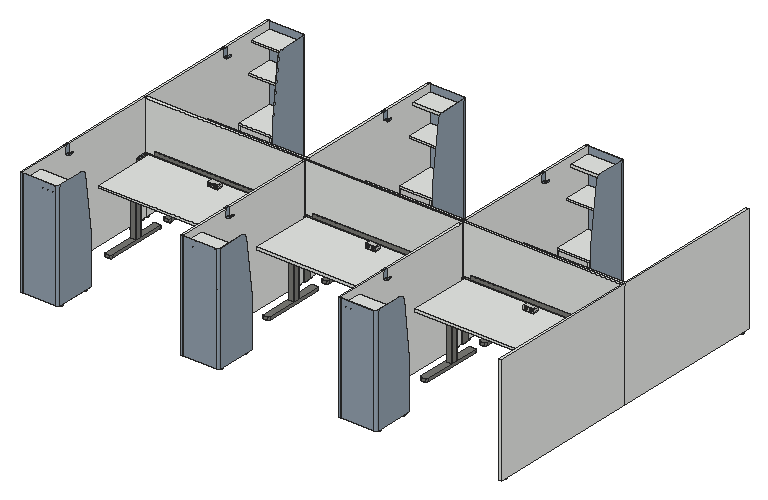
Revit family "Layout-Teknion-Expansion_Cityline_Height_Adjustable_Workstation_10-R2021", category Furniture Systems, Revit 2021 (continued)
Definition of nested family "Worksurface-Teknion-JNXRW_hiSpace_Rectangular_Worksurface_With_Quick_Connect_Kit-R2021"
  Lines and regions (in)
    Masking region 11, visible <- "Masking Region - Standard Corner, DL"
      outline origin (0, 0, 0) x (1, 0, 0) y (0, 1, 0)
        loop
          line (26, 11.5) -> (-26, 11.5) -> (-26, -11.5) -> (26, -11.5) -> (26, 11.5)
        loop
          line (-9.79174, 9.02424) -> (-11.642, 8.49788)
          arc (-11.642, 8.49788) -> (-12.01949, 7.99803) -> (-11.642, 7.49818) r 0.51969
          line (-11.642, 7.49818) -> (-9.79174, 6.97182)
          arc (-9.79174, 6.97182) -> (-9.4998, 6.9311) -> (-9.20787, 6.97182) r 1.06693
          line (-9.20787, 6.97182) -> (-7.35761, 7.49818)
          arc (-7.35761, 7.49818) -> (-6.98012, 7.99803) -> (-7.35761, 8.49788) r 0.51969
          line (-7.35761, 8.49788) -> (-9.20787, 9.02424)
          arc (-9.20787, 9.02424) -> (-9.4998, 9.06496) -> (-9.79174, 9.02424) r 1.06693
    Masking region 12, visible <- "Masking Region - Curved Corner, DL"
      outline origin (0, 0, 0) x (1, 0, 0) y (0, 1, 0)
        loop
          arc (-23.12598, 11.5) -> (-25.15822, 10.65822) -> (-26, 8.62598) r 2.87402
          line (-26, 8.62598) -> (-26, -8.62598)
          arc (-26, -8.62598) -> (-25.15822, -10.65822) -> (-23.12598, -11.5) r 2.87402
          line (-23.12598, -11.5) -> (23.12598, -11.5)
          arc (23.12598, -11.5) -> (25.15822, -10.65822) -> (26, -8.62598) r 2.87402
          line (26, -8.62598) -> (26, 8.62598)
          arc (26, 8.62598) -> (25.15822, 10.65822) -> (23.12598, 11.5) r 2.87402
          line (23.12598, 11.5) -> (-23.12598, 11.5)
        loop
          line (-9.79174, 9.02424) -> (-11.642, 8.49788)
          arc (-11.642, 8.49788) -> (-12.01949, 7.99803) -> (-11.642, 7.49818) r 0.51969
          line (-11.642, 7.49818) -> (-9.79174, 6.97182)
          arc (-9.79174, 6.97182) -> (-9.4998, 6.9311) -> (-9.20787, 6.97182) r 1.06693
          line (-9.20787, 6.97182) -> (-7.35761, 7.49818)
          arc (-7.35761, 7.49818) -> (-6.98012, 7.99803) -> (-7.35761, 8.49788) r 0.51969
          line (-7.35761, 8.49788) -> (-9.20787, 9.02424)
          arc (-9.20787, 9.02424) -> (-9.4998, 9.06496) -> (-9.79174, 9.02424) r 1.06693
    Masking region 13, visible <- "Masking Region - Standard Corner, DR"
      outline origin (0, 0, 0) x (1, 0, 0) y (0, 1, 0)
        loop
          line (26, 11.5) -> (-26, 11.5) -> (-26, -11.5) -> (26, -11.5) -> (26, 11.5)
        loop
          line (9.79174, 6.97182) -> (11.642, 7.49818)
          arc (11.642, 7.49818) -> (12.01949, 7.99803) -> (11.642, 8.49788) r 0.51969
          line (11.642, 8.49788) -> (9.79174, 9.02424)
          arc (9.79174, 9.02424) -> (9.4998, 9.06496) -> (9.20787, 9.02424) r 1.06693
          line (9.20787, 9.02424) -> (7.35761, 8.49788)
          arc (7.35761, 8.49788) -> (6.98012, 7.99803) -> (7.35761, 7.49818) r 0.51969
          line (7.35761, 7.49818) -> (9.20787, 6.97182)
          arc (9.20787, 6.97182) -> (9.4998, 6.9311) -> (9.79174, 6.97182) r 1.06693
    Masking region 14, visible <- "Masking Region - Curved Corner, DR"
      outline origin (0, 0, 0) x (1, 0, 0) y (0, 1, 0)
        loop
          arc (26, 8.62598) -> (25.15822, 10.65822) -> (23.12598, 11.5) r 2.87402
          line (23.12598, 11.5) -> (-23.12598, 11.5)
          arc (-23.12598, 11.5) -> (-25.15822, 10.65822) -> (-26, 8.62598) r 2.87402
          line (-26, 8.62598) -> (-26, -8.62598)
          arc (-26, -8.62598) -> (-25.15822, -10.65822) -> (-23.12598, -11.5) r 2.87402
          line (-23.12598, -11.5) -> (23.12598, -11.5)
          arc (23.12598, -11.5) -> (25.15822, -10.65822) -> (26, -8.62598) r 2.87402
          line (26, -8.62598) -> (26, 8.62598)
        loop
          arc (7.35761, 8.49788) -> (6.98012, 7.99803) -> (7.35761, 7.49818) r 0.51969
          line (7.35761, 7.49818) -> (9.20787, 6.97182)
          arc (9.20787, 6.97182) -> (9.4998, 6.9311) -> (9.79174, 6.97182) r 1.06693
          line (9.79174, 6.97182) -> (11.642, 7.49818)
          arc (11.642, 7.49818) -> (12.01949, 7.99803) -> (11.642, 8.49788) r 0.51969
          line (11.642, 8.49788) -> (9.79174, 9.02424)
          arc (9.79174, 9.02424) -> (9.4998, 9.06496) -> (9.20787, 9.02424) r 1.06693
          line (9.20787, 9.02424) -> (7.35761, 8.49788)
    Masking region 15, visible <- "Masking Region - Standard Corner, CL"
      outline origin (0, 0, 0) x (1, 0, 0) y (0, 1, 0)
        loop
          line (26, 11.5) -> (-26, 11.5) -> (-26, -11.5) -> (26, -11.5) -> (26, 11.5)
        loop
          line (0.29194, 6.97182) -> (2.1422, 7.49818)
          arc (2.1422, 7.49818) -> (2.51969, 7.99803) -> (2.1422, 8.49788) r 0.51969
          line (2.1422, 8.49788) -> (0.29194, 9.02424)
          arc (0.29194, 9.02424) -> (0, 9.06496) -> (-0.29194, 9.02424) r 1.06693
          line (-0.29194, 9.02424) -> (-2.1422, 8.49788)
          arc (-2.1422, 8.49788) -> (-2.51969, 7.99803) -> (-2.1422, 7.49818) r 0.51969
          line (-2.1422, 7.49818) -> (-0.29194, 6.97182)
          arc (-0.29194, 6.97182) -> (0, 6.9311) -> (0.29194, 6.97182) r 1.06693
        loop
          arc (-10.37613, 7.41142) -> (-10.29126, 7.20652) -> (-10.08637, 7.12165) r 0.28976
          line (-10.08637, 7.12165) -> (-8.91314, 7.12165)
          arc (-8.91314, 7.12165) -> (-8.70825, 7.20652) -> (-8.62338, 7.41142) r 0.28976
          line (-8.62338, 7.41142) -> (-8.62338, 8.58465)
          arc (-8.62338, 8.58465) -> (-8.70825, 8.78954) -> (-8.91314, 8.87441) r 0.28976
          line (-8.91314, 8.87441) -> (-10.08637, 8.87441)
          arc (-10.08637, 8.87441) -> (-10.29126, 8.78954) -> (-10.37613, 8.58465) r 0.28976
          line (-10.37613, 8.58465) -> (-10.37613, 7.41142)
    Masking region 16, visible <- "Masking Region - Curved Corner, CL"
      outline origin (0, 0, 0) x (1, 0, 0) y (0, 1, 0)
        loop
          arc (-23.12598, 11.5) -> (-25.15822, 10.65822) -> (-26, 8.62598) r 2.87402
          line (-26, 8.62598) -> (-26, -8.62598)
          arc (-26, -8.62598) -> (-25.15822, -10.65822) -> (-23.12598, -11.5) r 2.87402
          line (-23.12598, -11.5) -> (23.12598, -11.5)
          arc (23.12598, -11.5) -> (25.15822, -10.65822) -> (26, -8.62598) r 2.87402
          line (26, -8.62598) -> (26, 8.62598)
          arc (26, 8.62598) -> (25.15822, 10.65822) -> (23.12598, 11.5) r 2.87402
          line (23.12598, 11.5) -> (-23.12598, 11.5)
        loop
          arc (-10.08637, 8.87441) -> (-10.29126, 8.78954) -> (-10.37613, 8.58465) r 0.28976
          line (-10.37613, 8.58465) -> (-10.37613, 7.41142)
          arc (-10.37613, 7.41142) -> (-10.29126, 7.20652) -> (-10.08637, 7.12165) r 0.28976
          line (-10.08637, 7.12165) -> (-8.91314, 7.12165)
          arc (-8.91314, 7.12165) -> (-8.70825, 7.20652) -> (-8.62338, 7.41142) r 0.28976
          line (-8.62338, 7.41142) -> (-8.62338, 8.58465)
          arc (-8.62338, 8.58465) -> (-8.70825, 8.78954) -> (-8.91314, 8.87441) r 0.28976
          line (-8.91314, 8.87441) -> (-10.08637, 8.87441)
        loop
          line (2.1422, 8.49788) -> (0.29194, 9.02424)
          arc (0.29194, 9.02424) -> (0, 9.06496) -> (-0.29194, 9.02424) r 1.06693
          line (-0.29194, 9.02424) -> (-2.1422, 8.49788)
          arc (-2.1422, 8.49788) -> (-2.51969, 7.99803) -> (-2.1422, 7.49818) r 0.51969
          line (-2.1422, 7.49818) -> (-0.29194, 6.97182)
          arc (-0.29194, 6.97182) -> (0, 6.9311) -> (0.29194, 6.97182) r 1.06693
          line (0.29194, 6.97182) -> (2.1422, 7.49818)
          arc (2.1422, 7.49818) -> (2.51969, 7.99803) -> (2.1422, 8.49788) r 0.51969
    Masking region 17, visible <- "Masking Region - Standard Corner, CR"
      outline origin (0, 0, 0) x (1, 0, 0) y (0, 1, 0)
        loop
          line (26, -11.5) -> (26, 11.5) -> (-26, 11.5) -> (-26, -11.5) -> (26, -11.5)
        loop
          arc (8.62338, 7.41142) -> (8.70825, 7.20652) -> (8.91314, 7.12165) r 0.28976
          line (8.91314, 7.12165) -> (10.08637, 7.12165)
          arc (10.08637, 7.12165) -> (10.29126, 7.20652) -> (10.37613, 7.41142) r 0.28976
          line (10.37613, 7.41142) -> (10.37613, 8.58465)
          arc (10.37613, 8.58465) -> (10.29126, 8.78954) -> (10.08637, 8.87441) r 0.28976
          line (10.08637, 8.87441) -> (8.91314, 8.87441)
          arc (8.91314, 8.87441) -> (8.70825, 8.78954) -> (8.62338, 8.58465) r 0.28976
          line (8.62338, 8.58465) -> (8.62338, 7.41142)
        loop
          line (2.1422, 8.49788) -> (0.29194, 9.02424)
          arc (0.29194, 9.02424) -> (0, 9.06496) -> (-0.29194, 9.02424) r 1.06693
          line (-0.29194, 9.02424) -> (-2.1422, 8.49788)
          arc (-2.1422, 8.49788) -> (-2.51969, 7.99803) -> (-2.1422, 7.49818) r 0.51969
          line (-2.1422, 7.49818) -> (-0.29194, 6.97182)
          arc (-0.29194, 6.97182) -> (0, 6.9311) -> (0.29194, 6.97182) r 1.06693
          line (0.29194, 6.97182) -> (2.1422, 7.49818)
          arc (2.1422, 7.49818) -> (2.51969, 7.99803) -> (2.1422, 8.49788) r 0.51969
    Masking region 18, visible <- "Masking Region - Curved Corner, CR"
      outline origin (0, 0, 0) x (1, 0, 0) y (0, 1, 0)
        loop
          arc (26, 8.62598) -> (25.15822, 10.65822) -> (23.12598, 11.5) r 2.87402
          line (23.12598, 11.5) -> (-23.12598, 11.5)
          arc (-23.12598, 11.5) -> (-25.15822, 10.65822) -> (-26, 8.62598) r 2.87402
          line (-26, 8.62598) -> (-26, -8.62598)
          arc (-26, -8.62598) -> (-25.15822, -10.65822) -> (-23.12598, -11.5) r 2.87402
          line (-23.12598, -11.5) -> (23.12598, -11.5)
          arc (23.12598, -11.5) -> (25.15822, -10.65822) -> (26, -8.62598) r 2.87402
          line (26, -8.62598) -> (26, 8.62598)
        loop
          arc (0.29194, 9.02424) -> (0, 9.06496) -> (-0.29194, 9.02424) r 1.06693
          line (-0.29194, 9.02424) -> (-2.1422, 8.49788)
          arc (-2.1422, 8.49788) -> (-2.51969, 7.99803) -> (-2.1422, 7.49818) r 0.51969
          line (-2.1422, 7.49818) -> (-0.29194, 6.97182)
          arc (-0.29194, 6.97182) -> (0, 6.9311) -> (0.29194, 6.97182) r 1.06693
          line (0.29194, 6.97182) -> (2.1422, 7.49818)
          arc (2.1422, 7.49818) -> (2.51969, 7.99803) -> (2.1422, 8.49788) r 0.51969
          line (2.1422, 8.49788) -> (0.29194, 9.02424)
        loop
          arc (8.91314, 8.87441) -> (8.70825, 8.78954) -> (8.62338, 8.58465) r 0.28976
          line (8.62338, 8.58465) -> (8.62338, 7.41142)
          arc (8.62338, 7.41142) -> (8.70825, 7.20652) -> (8.91314, 7.12165) r 0.28976
          line (8.91314, 7.12165) -> (10.08637, 7.12165)
          arc (10.08637, 7.12165) -> (10.29126, 7.20652) -> (10.37613, 7.41142) r 0.28976
          line (10.37613, 7.41142) -> (10.37613, 8.58465)
          arc (10.37613, 8.58465) -> (10.29126, 8.78954) -> (10.08637, 8.87441) r 0.28976
          line (10.08637, 8.87441) -> (8.91314, 8.87441)
    symbolic lines, visible <- "Grommet - Square Left"
      curve 1: line (-8.91314, 8.94528, 0) -> (-10.08637, 8.94528, 0)
      curve 2: arc (-10.08637, 8.94528, 0) -> (-10.34137, 8.83965, 0) -> (-10.447, 8.58465, 0) r 0.36063
      curve 3: line (-10.447, 8.58465, 0) -> (-10.447, 7.41142, 0)
      curve 4: arc (-10.447, 7.41142, 0) -> (-10.34137, 7.15641, 0) -> (-10.08637, 7.05079, 0) r 0.36063
      curve 5: line (-10.08637, 7.05079, 0) -> (-8.91314, 7.05079, 0)
      curve 6: arc (-8.91314, 7.05079, 0) -> (-8.65814, 7.15641, 0) -> (-8.55251, 7.41142, 0) r 0.36063
      curve 7: line (-8.55251, 7.41142, 0) -> (-8.55251, 8.58465, 0)
      curve 8: arc (-8.55251, 8.58465, 0) -> (-8.65814, 8.83965, 0) -> (-8.91314, 8.94528, 0) r 0.36063
    symbolic lines, visible <- "Grommet - Square Center"
      curve 9: line (0.58661, 8.94528, 0) -> (-0.58661, 8.94528, 0)
      curve 10: arc (-0.58661, 8.94528, 0) -> (-0.84162, 8.83965, 0) -> (-0.94724, 8.58465, 0) r 0.36063
      curve 11: line (-0.94724, 8.58465, 0) -> (-0.94724, 7.41142, 0)
      curve 12: arc (-0.94724, 7.41142, 0) -> (-0.84162, 7.15641, 0) -> (-0.58661, 7.05079, 0) r 0.36063
      curve 13: line (-0.58661, 7.05079, 0) -> (0.58661, 7.05079, 0)
      curve 14: arc (0.58661, 7.05079, 0) -> (0.84162, 7.15641, 0) -> (0.94724, 7.41142, 0) r 0.36063
      curve 15: line (0.94724, 7.41142, 0) -> (0.94724, 8.58465, 0)
      curve 16: arc (0.94724, 8.58465, 0) -> (0.84162, 8.83965, 0) -> (0.58661, 8.94528, 0) r 0.36063
    symbolic lines, visible <- "Grommet - Square Right"
      curve 17: line (10.447, 7.41142, 0) -> (10.447, 8.58465, 0)
      curve 18: arc (10.447, 8.58465, 0) -> (10.34137, 8.83965, 0) -> (10.08637, 8.94528, 0) r 0.36063
      curve 19: line (10.08637, 8.94528, 0) -> (8.91314, 8.94528, 0)
      curve 20: arc (8.91314, 8.94528, 0) -> (8.65814, 8.83965, 0) -> (8.55251, 8.58465, 0) r 0.36063
      curve 21: line (8.55251, 8.58465, 0) -> (8.55251, 7.41142, 0)
      curve 22: arc (8.55251, 7.41142, 0) -> (8.65814, 7.15641, 0) -> (8.91314, 7.05079, 0) r 0.36063
      curve 23: line (8.91314, 7.05079, 0) -> (10.08637, 7.05079, 0)
      curve 24: arc (10.08637, 7.05079, 0) -> (10.34137, 7.15641, 0) -> (10.447, 7.41142, 0) r 0.36063
    symbolic lines, detail levels medium+fine
      curve 25: line (-20.61047, -5.99402, 0) -> (-20.61047, 9.75402, 0)
      curve 26: line (-21.89, 9.75402, 0) -> (-20.61047, 9.75402, 0)
      curve 27: line (-20.61047, -5.99402, 0) -> (-21.89, -5.99402, 0)
      curve 28: line (-21.89, 9.75402, 0) -> (-21.89, -5.99402, 0)
      curve 29: line (-21.77189, -5.99402, 0) -> (-21.77189, 9.75402, 0)
      curve 30: line (-9.17346, -0.03929, 0) -> (-20.61047, -0.03929, 0)
      curve 31: line (-9.17346, -0.03929, 0) -> (-9.17346, -1.22827, 0)
      curve 32: line (-20.61047, -1.22827, 0) -> (-9.17346, -1.22827, 0)
      curve 33: line (-9.17346, 4.98827, 0) -> (-20.61047, 4.98827, 0)
      curve 34: line (-20.61047, 3.79929, 0) -> (-9.17346, 3.79929, 0)
      curve 35: line (-9.17346, 4.98827, 0) -> (-9.17346, 3.79929, 0)
      curve 36: line (-11.92937, 3.79929, 0) -> (-11.92937, -0.03929, 0)
      curve 37: line (-10.74827, 2.95586, 0) -> (-10.74827, 3.79929, 0)
      curve 38: line (-10.74827, -0.03929, 0) -> (-10.74827, 0.80414, 0)
      curve 39: arc (-10.74827, 2.95586, 0) -> (-11.31913, 1.88, 0) -> (-10.74827, 0.80414, 0) r 1.29921
      curve 40: line (21.89, -5.99402, 0) -> (21.89, 9.75402, 0)
      curve 41: line (21.77189, 9.75402, 0) -> (21.77189, -5.99402, 0)
      curve 42: line (20.61047, 9.75402, 0) -> (20.61047, -5.99402, 0)
      curve 43: line (21.89, -5.99402, 0) -> (20.61047, -5.99402, 0)
      curve 44: line (20.61047, 9.75402, 0) -> (21.89, 9.75402, 0)
      curve 45: line (20.61047, 4.98827, 0) -> (9.17346, 4.98827, 0)
      curve 46: line (9.17346, 3.79929, 0) -> (20.61047, 3.79929, 0)
      curve 47: line (9.17346, 3.79929, 0) -> (9.17346, 4.98827, 0)
      curve 48: line (20.61047, -0.03929, 0) -> (9.17346, -0.03929, 0)
      curve 49: line (9.17346, -1.22827, 0) -> (20.61047, -1.22827, 0)
      curve 50: line (9.17346, -1.22827, 0) -> (9.17346, -0.03929, 0)
      curve 51: line (11.92937, -0.03929, 0) -> (11.92937, 3.79929, 0)
      curve 52: line (10.74827, 3.79929, 0) -> (10.74827, 2.95586, 0)
      curve 53: line (10.74827, 0.80414, 0) -> (10.74827, -0.03929, 0)
      curve 54: arc (10.74827, 0.80414, 0) -> (11.31913, 1.88, 0) -> (10.74827, 2.95586, 0) r 1.29921
      curve 55: line (20.55118, 5.85441, 0) -> (-20.55118, 5.85441, 0)
      curve 56: line (20.55118, 5.10638, 0) -> (-20.55118, 5.10638, 0)
      curve 57: line (-20.55118, 4.98827, 0) -> (-20.55118, 5.85441, 0)
      curve 58: line (20.55118, 5.85441, 0) -> (20.55118, 4.98827, 0)
      curve 59: line (9.17346, 4.98827, 0) -> (-9.17346, 4.98827, 0)
      curve 60: line (-9.17346, -1.22827, 0) -> (9.17346, -1.22827, 0)
      curve 61: line (20.55118, -1.22827, 0) -> (20.55118, -2.09441, 0)
      curve 62: line (-20.55118, -1.34638, 0) -> (20.55118, -1.34638, 0)
      curve 63: line (-20.55118, -2.09441, 0) -> (20.55118, -2.09441, 0)
      curve 64: line (-20.55118, -2.09441, 0) -> (-20.55118, -1.22827, 0)
    reference lines
      curve 65: line (-26, 11.5, 0) -> (26, 11.5, 0)
      curve 66: line (26, 11.5, 0) -> (26, -11.5, 0)
      curve 67: line (-26, -11.5, 0) -> (26, -11.5, 0)
      curve 68: line (-26, 11.5, 0) -> (-26, -11.5, 0)
  Dimensions and locks (in)
    "Width": plane 4 "Left" to plane 5 "Right"
    "Depth": plane 6 "Back" to plane 7 "Front"
    locked: plane 8 "Top" to level at 29
    equal spacing: plane 6 "Back", plane 1 "Center Front/Back", plane 7 "Front"
    equal spacing: plane 4 "Left", plane 3 "Center Left/Right", plane 5 "Right"
    "Width Configuration Distance": plane 4 "Left" to plane 9
    "Width Configuration Distance": plane 10 to plane 5 "Right"
    locked: plane 8 "Top" to plane 11 at 1.18898
    locked: plane 4 "Left" to Sweep 2 sketch curve at 5.44882
    locked: Sweep 2 sketch curve to plane 5 "Right" at 5.44882
    Sweep 2 sketch curve to Sweep 2 sketch curve to Sweep 2 sketch curve to plane 1 "Center Front/Back" to Sweep 2 sketch curve to Sweep 2 sketch curve to Sweep 2 sketch curve = 0.74803" locked, 0.11811" locked, 1.22827" locked, 4.98827" locked, 0.11811" locked, 0.74803" locked
    plane 11 to Sweep 2 sketch curve to Sweep 2 sketch curve = 0.11811" locked, 0.98425" locked
    Sweep 2 sketch curve to Sweep 2 sketch curve to plane 11 = 0.98425" locked, 0.11811" locked
    Sweep 3 sketch curve to plane 1 "Center Front/Back" to Sweep 3 sketch curve = 5.99402" locked, 9.75402" locked
    plane 11 to Sweep 3 sketch curve to Sweep 3 sketch curve = 0.11811" locked, 1.10236" locked  (x2)
    Sweep 4 sketch curve to Sweep 4 sketch curve to plane 1 "Center Front/Back" to Sweep 4 sketch curve to Sweep 4 sketch curve = 1.18898" locked, 0.03929" locked, 3.79929" locked, 1.18898" locked
    locked: plane 11 to Sweep 4 sketch curve at 1.18898  (x2)
    Sweep 3 sketch curve to Sweep 3 sketch curve to plane 9 = 1.16142" locked, 0.11811" locked
    Sweep 3 sketch curve to Sweep 3 sketch curve to plane 10 = 1.16142" locked, 0.11811" locked
    plane 9 to Sweep 4 sketch curve to Sweep 4 sketch curve = 1.27953" locked, 11.43701" locked
    Sweep 5 sketch curve to Sweep 5 sketch curve to plane 10 = 11.43701" locked, 1.27953" locked
    Sweep 5 sketch curve to Sweep 5 sketch curve to plane 1 "Center Front/Back" to Sweep 5 sketch curve to Sweep 5 sketch curve = 1.18898" locked, 0.03929" locked, 3.79929" locked, 1.18898" locked
    locked: plane 11 to Sweep 5 sketch curve at 1.18898  (x2)
    locked: plane 11 to Sweep 6 sketch curve at 0.11811
    Sweep 6 sketch curve to plane 1 "Center Front/Back" to Sweep 6 sketch curve to Sweep 6 sketch curve to Sweep 6 sketch curve to Sweep 6 sketch curve = 0.03929" locked, 0.80414" locked, 1.07586" locked, 1.07586" locked, 0.84344" locked  (x2)
    plane 9 to Sweep 6 sketch curve to Sweep 6 sketch curve to Sweep 6 sketch curve = 9.96063" locked, 1.1811" locked, 0.72835" locked
    Sweep 6 sketch curve to Sweep 6 sketch curve to Sweep 6 sketch curve to plane 10 = 0.72835" locked, 1.1811" locked, 9.96063" locked
    locked: plane 6 "Back" to Sweep 7 sketch curve at 2.87402  (x2)
    locked: Sweep 7 sketch curve to plane 5 "Right" at 2.87402  (x2)
    locked: plane 7 "Front" to Sweep 7 sketch curve at 2.87402  (x2)
    locked: plane 4 "Left" to Sweep 7 sketch curve at 2.87402  (x2)
    locked: Sweep 8 sketch curve to plane 8 "Top" at 4
    "Cut-Out - Square Right": Sweep 8 sketch curve to Sweep 8 sketch curve
    plane 6 "Back" to Sweep 8 sketch curve to Sweep 8 sketch curve = 2.55472" locked, 1.89449" locked
    locked: Sweep 8 sketch curve to Sweep 8 sketch curve at 1.89449
    locked: Sweep 9 sketch curve to plane 8 "Top" at 4
    "Cut-Out - Square Left": Sweep 9 sketch curve to Sweep 9 sketch curve
    Sweep 9 sketch curve to Sweep 9 sketch curve to plane 6 "Back" = 1.89449" locked, 2.55472" locked
    locked: Sweep 9 sketch curve to Sweep 9 sketch curve at 1.89449
    locked: Sweep 10 sketch curve to plane 8 "Top" at 4
    "Cut-Out - Square Center": Sweep 10 sketch curve to Sweep 10 sketch curve
    Sweep 10 sketch curve to plane 3 "Center Left/Right" to Sweep 10 sketch curve = 0.94724" locked, 0.94724" locked
    plane 6 "Back" to Sweep 10 sketch curve to Sweep 10 sketch curve = 2.55472" locked, 1.89449" locked
    locked: plane 8 "Top" to Sweep 11 sketch curve at 1.55512
    plane 6 "Back" to Sweep 11 sketch curve to Sweep 11 sketch curve to Sweep 11 sketch curve to Sweep 11 sketch curve = 2.55472" locked, 0.07087" locked, 1.75276" locked, 0.07087" locked
    Sweep 11 sketch curve to Sweep 11 sketch curve to plane 3 "Center Left/Right" to Sweep 11 sketch curve to Sweep 11 sketch curve = 0.07087" locked, 0.87638" locked, 0.87638" locked, 0.07087" locked
    locked: plane 8 "Top" to Sweep 12 sketch curve at 1.55512
    locked: plane 8 "Top" to Sweep 13 sketch curve at 1.55512
    Sweep 13 sketch curve to Sweep 13 sketch curve to Sweep 13 sketch curve to Sweep 13 sketch curve = 0.07087" locked, 1.75276" locked, 0.07087" locked
    plane 6 "Back" to Sweep 13 sketch curve to Sweep 13 sketch curve to Sweep 13 sketch curve to Sweep 13 sketch curve = 2.55472" locked, 0.07087" locked, 1.75276" locked, 0.07087" locked
    locked: Sweep 14 sketch curve to plane 8 "Top" at 5
    "Cut-Out - Diamond Center": Sweep 14 sketch curve to Sweep 14 sketch curve
    Sweep 14 sketch curve to Sweep 14 sketch curve to plane 3 "Center Left/Right" to Sweep 14 sketch curve to Sweep 14 sketch curve = 1.85026" locked, 0.29194" locked, 0.29194" locked, 1.85026" locked  (x2)
    plane 6 "Back" to Sweep 14 sketch curve to Sweep 14 sketch curve to Sweep 14 sketch curve to Sweep 14 sketch curve = 2.47576" locked, 0.52636" locked, 0.9997" locked, 0.52636" locked  (x2)
    locked: Sweep 15 sketch curve to plane 8 "Top" at 5
    "Cut-Out - Diamond Left": Sweep 15 sketch curve to Sweep 15 sketch curve
    plane 6 "Back" to Sweep 15 sketch curve to Sweep 15 sketch curve to Sweep 15 sketch curve to Sweep 15 sketch curve = 2.47576" locked, 0.52636" locked, 0.9997" locked, 0.52636" locked  (x2)
    Sweep 15 sketch curve to Sweep 15 sketch curve to Sweep 15 sketch curve to Sweep 15 sketch curve = 1.85026" locked, 0.58387" locked, 1.85026" locked  (x2)
    Sweep 12 sketch curve to Sweep 12 sketch curve to Sweep 12 sketch curve to Sweep 12 sketch curve = 0.07087" locked, 1.75276" locked, 0.07087" locked
    plane 6 "Back" to Sweep 12 sketch curve to Sweep 12 sketch curve to Sweep 12 sketch curve to Sweep 12 sketch curve = 2.55472" locked, 0.07087" locked, 1.75276" locked, 0.07087" locked
    locked: Sweep 16 sketch curve to plane 8 "Top" at 5
    "Cut-Out - Diamond Right": Sweep 16 sketch curve to Sweep 16 sketch curve
    Sweep 16 sketch curve to Sweep 16 sketch curve to Sweep 16 sketch curve to Sweep 16 sketch curve = 1.85026" locked, 0.58387" locked, 1.85026" locked  (x2)
    plane 6 "Back" to Sweep 16 sketch curve to Sweep 16 sketch curve to Sweep 16 sketch curve to Sweep 16 sketch curve = 2.47576" locked, 0.52636" locked, 0.9997" locked, 0.52636" locked  (x2)
    "Square Cut-Out - Distance": plane 4 "Left" to Sweep 9 sketch curve
    "Square Cut-Out - Distance": plane 4 "Left" to Sweep 13 sketch curve
    "Square Cut-Out - Distance": Sweep 8 sketch curve to plane 5 "Right"
    "Square Cut-Out - Distance": Sweep 12 sketch curve to plane 5 "Right"
    "Diamond Cut-Out - Distance": plane 4 "Left" to Sweep 15 sketch curve
    "Diamond Cut-Out - Distance": Sweep 16 sketch curve to plane 5 "Right"
    equal spacing: Sweep 13, nested 7, Sweep 13, locked at 0.87638 each  (x2)
    equal spacing: Sweep 11, nested 9, Sweep 11, locked at 0.87638 each
    equal spacing: Sweep 12, nested 8, Sweep 12, locked at 0.87638 each  (x2)
    aligned and locked: level to plane 2
    aligned and locked: Sweep 1 sketch curve to plane 3 "Center Left/Right"
    aligned and locked: plane 8 "Top" to Sweep 1 sketch curve
    aligned and locked: plane 11 to Sweep 1 sketch curve
    aligned and locked: plane 6 "Back" to Sweep 1 sketch curve
    aligned and locked: plane 4 "Left" to Sweep 1 sketch curve
    aligned and locked: Sweep 1 sketch curve to plane 7 "Front"
    aligned and locked: Sweep 1 sketch curve to plane 5 "Right"
    aligned and locked: Sweep 2 sketch curve to plane 1 "Center Front/Back"
    aligned and locked: Sweep 2 sketch curve to plane 11
    aligned and locked: plane 11 to Sweep 2 sketch curve
    aligned and locked: Sweep 3 sketch curve to plane 3 "Center Left/Right"
    aligned and locked: plane 11 to Sweep 3 sketch curve
    aligned and locked: Sweep 4 sketch curve to plane 1 "Center Front/Back"
    aligned and locked: Sweep 4 sketch curve to plane 11  (x2)
    aligned and locked: Sweep 3 sketch curve to plane 9
    aligned and locked: plane 10 to Sweep 3 sketch curve
    aligned and locked: plane 1 "Center Front/Back" to Sweep 5 sketch curve
    aligned and locked: Sweep 5 sketch curve to plane 11  (x2)
    aligned and locked: plane 3 "Center Left/Right" to Sweep 6 sketch curve
    aligned and locked: plane 11 to Sweep 6 sketch curve
    aligned and locked: Sweep 6 sketch curve to Sweep 6 sketch curve  (x2)
    aligned and locked: Sweep 7 sketch curve to plane 3 "Center Left/Right"
    aligned and locked: plane 8 "Top" to Sweep 7 sketch curve
    aligned and locked: plane 11 to Sweep 7 sketch curve
    aligned and locked: plane 7 "Front" to Sweep 7 sketch curve
    aligned and locked: Sweep 7 sketch curve to plane 5 "Right"
    aligned and locked: plane 6 "Back" to Sweep 7 sketch curve
    aligned and locked: Sweep 7 sketch curve to plane 4 "Left"
    aligned and locked: Sweep 8 sketch curve to plane 3 "Center Left/Right"
    aligned and locked: Sweep 9 sketch curve to plane 3 "Center Left/Right"
    aligned and locked: Sweep 10 sketch curve to plane 3 "Center Left/Right"
    aligned and locked: Sweep 11 sketch curve to plane 3 "Center Left/Right"
    aligned and locked: plane 8 "Top" to Sweep 11 sketch curve
    aligned and locked: plane 8 "Top" to Sweep 12 sketch curve
    aligned and locked: plane 8 "Top" to Sweep 13 sketch curve
    aligned and locked: Sweep 14 sketch curve to plane 3 "Center Left/Right"
    aligned and locked: Sweep 15 sketch curve to plane 3 "Center Left/Right"
    aligned and locked: plane 4 "Left" to Sweep 13 sketch curve
    aligned and locked: Sweep 12 sketch curve to plane 5 "Right"
    aligned and locked: Sweep 16 sketch curve to plane 3 "Center Left/Right"
    aligned and locked: curve 2 to Sweep 9
    aligned and locked: curve 4 to Sweep 9
    aligned and locked: curve 6 to Sweep 9
    aligned and locked: curve 8 to Sweep 9
    aligned and locked: curve 10 to Sweep 10
    aligned and locked: curve 12 to Sweep 10
    aligned and locked: curve 14 to Sweep 10
    aligned and locked: curve 16 to Sweep 10
    aligned and locked: curve 18 to Sweep 8
    aligned and locked: curve 20 to Sweep 8
    aligned and locked: curve 22 to Sweep 8
    aligned and locked: curve 24 to Sweep 8
    aligned and locked: curve 25 to Sweep 3
    aligned and locked: curve 26 to Sweep 3
    aligned and locked: curve 27 to Sweep 3
    aligned and locked: curve 28 to Sweep 3
    aligned and locked: curve 29 to Sweep 3
    aligned and locked: curve 30 to Sweep 4
    aligned and locked: Sweep 4 to curve 31
    aligned and locked: curve 32 to Sweep 4
    aligned and locked: curve 33 to Sweep 4
    aligned and locked: curve 34 to Sweep 4
    aligned and locked: curve 35 to Sweep 4
    aligned and locked: curve 36 to Sweep 6
    aligned and locked: curve 37 to Sweep 6
    aligned and locked: curve 38 to Sweep 6
    aligned and locked: curve 39 to Sweep 6
    aligned and locked: curve 40 to Sweep 3
    aligned and locked: curve 41 to Sweep 3
    aligned and locked: curve 42 to Sweep 3
    aligned and locked: curve 43 to Sweep 3
    aligned and locked: Sweep 3 to curve 44
    aligned and locked: curve 45 to Sweep 5
    aligned and locked: curve 46 to Sweep 5
    aligned and locked: Sweep 5 to curve 47
    aligned and locked: curve 48 to Sweep 5
    aligned and locked: curve 49 to Sweep 5
    aligned and locked: curve 50 to Sweep 5
    aligned and locked: curve 51 to Sweep 6
    aligned and locked: curve 52 to Sweep 6
    aligned and locked: curve 53 to Sweep 6
    aligned and locked: curve 54 to Sweep 6
    aligned and locked: curve 55 to Sweep 2
    aligned and locked: curve 56 to Sweep 2
    aligned and locked: curve 57 to Sweep 2
    aligned and locked: curve 58 to Sweep 2
    aligned and locked: curve 59 to Sweep 2
    aligned and locked: Sweep 2 to curve 61
    aligned and locked: curve 62 to Sweep 2
    aligned and locked: curve 63 to Sweep 2
    aligned and locked: curve 64 to Sweep 2
    aligned and locked: curve 60 to Sweep 2
    aligned and locked: Masking region 1 sketch curve to cut or joined group of Sweep 1, Sweep 8, Sweep 9, Sweep 10, Sweep 14, Sweep 15, Sweep 16  (x4)
    aligned and locked: Masking region 2 sketch curve to cut or joined group of Sweep 7, Sweep 8, Sweep 9, Sweep 10, Sweep 14, Sweep 15, Sweep 16  (x4)
    aligned and locked: Masking region 3 sketch curve to cut or joined group of Sweep 1, Sweep 8, Sweep 9, Sweep 10, Sweep 14, Sweep 15, Sweep 16  (x4)
    aligned and locked: Masking region 3 sketch curve to Sweep 11  (x4)
    aligned and locked: Masking region 4 sketch curve to cut or joined group of Sweep 7, Sweep 8, Sweep 9, Sweep 10, Sweep 14, Sweep 15, Sweep 16  (x4)
    aligned and locked: Masking region 4 sketch curve to Sweep 11  (x4)
    aligned and locked: Masking region 5 sketch curve to cut or joined group of Sweep 1, Sweep 8, Sweep 9, Sweep 10, Sweep 14, Sweep 15, Sweep 16  (x4)
    aligned and locked: Masking region 5 sketch curve to Sweep 13  (x4)
    aligned and locked: Masking region 6 sketch curve to cut or joined group of Sweep 7, Sweep 8, Sweep 9, Sweep 10, Sweep 14, Sweep 15, Sweep 16  (x4)
    aligned and locked: Masking region 6 sketch curve to Sweep 13  (x4)
    aligned and locked: Masking region 7 sketch curve to cut or joined group of Sweep 1, Sweep 8, Sweep 9, Sweep 10, Sweep 14, Sweep 15, Sweep 16  (x4)
    aligned and locked: Masking region 7 sketch curve to Sweep 12  (x4)
    aligned and locked: Masking region 8 sketch curve to cut or joined group of Sweep 7, Sweep 8, Sweep 9, Sweep 10, Sweep 14, Sweep 15, Sweep 16  (x4)
    aligned and locked: Masking region 8 sketch curve to Sweep 12  (x4)
    aligned and locked: Masking region 9 sketch curve to cut or joined group of Sweep 1, Sweep 8, Sweep 9, Sweep 10, Sweep 14, Sweep 15, Sweep 16  (x4)
    aligned and locked: Masking region 9 sketch curve to Sweep 14  (x4)
    aligned and locked: Masking region 10 sketch curve to cut or joined group of Sweep 7, Sweep 8, Sweep 9, Sweep 10, Sweep 14, Sweep 15, Sweep 16  (x4)
    aligned and locked: Masking region 10 sketch curve to Sweep 14  (x4)
    aligned and locked: Masking region 11 sketch curve to cut or joined group of Sweep 1, Sweep 8, Sweep 9, Sweep 10, Sweep 14, Sweep 15, Sweep 16  (x4)
    aligned and locked: Masking region 11 sketch curve to Sweep 15  (x4)
    aligned and locked: Masking region 12 sketch curve to cut or joined group of Sweep 7, Sweep 8, Sweep 9, Sweep 10, Sweep 14, Sweep 15, Sweep 16  (x4)
    aligned and locked: Masking region 12 sketch curve to Sweep 15  (x4)
    aligned and locked: Masking region 13 sketch curve to cut or joined group of Sweep 1, Sweep 8, Sweep 9, Sweep 10, Sweep 14, Sweep 15, Sweep 16  (x4)
    aligned and locked: Masking region 13 sketch curve to Sweep 16  (x4)
    aligned and locked: Masking region 14 sketch curve to cut or joined group of Sweep 7, Sweep 8, Sweep 9, Sweep 10, Sweep 14, Sweep 15, Sweep 16  (x4)
    aligned and locked: Masking region 14 sketch curve to Sweep 16  (x4)
    aligned and locked: Masking region 15 sketch curve to cut or joined group of Sweep 1, Sweep 8, Sweep 9, Sweep 10, Sweep 14, Sweep 15, Sweep 16  (x4)
    aligned and locked: Masking region 15 sketch curve to Sweep 14  (x4)
    aligned and locked: Masking region 15 sketch curve to Sweep 13  (x4)
    aligned and locked: Masking region 16 sketch curve to cut or joined group of Sweep 7, Sweep 8, Sweep 9, Sweep 10, Sweep 14, Sweep 15, Sweep 16  (x4)
    aligned and locked: Masking region 16 sketch curve to Sweep 13  (x4)
    aligned and locked: Masking region 16 sketch curve to Sweep 14  (x4)
    aligned and locked: Masking region 17 sketch curve to cut or joined group of Sweep 1, Sweep 8, Sweep 9, Sweep 10, Sweep 14, Sweep 15, Sweep 16  (x4)
    aligned and locked: Masking region 17 sketch curve to Sweep 12  (x4)
    aligned and locked: Masking region 17 sketch curve to Sweep 14  (x4)
    aligned and locked: Masking region 18 sketch curve to Masking region 16  (x8)
    aligned and locked: Masking region 18 sketch curve to Masking region 17  (x4)
    aligned and locked: nested 1 to plane 6 "Back"
    aligned and locked: plane 4 "Left" to nested 1
    aligned and locked: plane 4 "Left" to nested 4
    aligned and locked: plane 7 "Front" to nested 4
    aligned and locked: plane 7 "Front" to nested 3
    aligned and locked: nested 3 to plane 5 "Right"
    aligned and locked: nested 2 to plane 5 "Right"
    aligned and locked: nested 2 to plane 6 "Back"
    aligned and locked: plane 3 "Center Left/Right" to nested 6
    aligned and locked: nested 6 to plane 6 "Back"
    aligned and locked: plane 1 "Center Front/Back" to nested 5
    aligned and locked: plane 3 "Center Left/Right" to nested 5
    aligned and locked: plane 3 "Center Left/Right" to nested 9
    aligned and locked: curve 65 to plane 6 "Back"
    aligned and locked: plane 5 "Right" to curve 66
    aligned and locked: plane 7 "Front" to curve 67
    aligned and locked: curve 68 to plane 4 "Left"
  Automatic sketch dimensions
    Sweep 3 sketch curve to Sweep 3 sketch curve = 0.11811"
    Sweep 8 sketch curve to Sweep 8 sketch curve = 0.36063"  (x4)
    Sweep 10 sketch curve to Sweep 10 sketch curve = 0.36063"  (x3)
    Sweep 10 sketch curve to Sweep 10 sketch curve = 0.000"
    Sweep 11 sketch curve to Sweep 11 sketch curve = 0.28976"  (x3)
    Sweep 11 sketch curve to Sweep 11 sketch curve = 0.000"  (x5)
    Sweep 13 sketch curve to Sweep 13 sketch curve = 0.000"  (x4)
    Sweep 13 sketch curve to Sweep 13 sketch curve = 0.28976"  (x4)
    Sweep 12 sketch curve to Sweep 12 sketch curve = 0.000"  (x4)
    Sweep 12 sketch curve to Sweep 12 sketch curve = 0.28976"  (x3)
    Sweep 12 sketch curve to Sweep 12 sketch curve = 1.17323"
    curve 50 to curve 53 = 1.5748"
    Sweep 9 sketch curve to Sweep 9 sketch curve = 0.36063"  (x4)
    Masking region 9 sketch curve to Masking region 9 sketch curve = 0.000"
    Masking region 9 sketch curve to Masking region 9 sketch curve = 0.1422"  (x3)
    Masking region 9 sketch curve to plane 3 "Center Left/Right" = 0.29194"  (x2)
    plane 3 "Center Left/Right" to Masking region 9 sketch curve = 0.29194"  (x2)
    Masking region 10 sketch curve to Masking region 10 sketch curve = 0.000"
    Masking region 10 sketch curve to Masking region 10 sketch curve = 0.1422"  (x3)
    Masking region 10 sketch curve to plane 3 "Center Left/Right" = 0.29194"  (x2)
    plane 3 "Center Left/Right" to Masking region 10 sketch curve = 0.29194"  (x2)
    Masking region 11 sketch curve to Masking region 11 sketch curve = 0.000"
    Masking region 11 sketch curve to Masking region 11 sketch curve = 0.1422"  (x3)
    Masking region 11 sketch curve to Masking region 11 sketch curve = 1.85026"
    Masking region 11 sketch curve to Masking region 11 sketch curve = 0.29194"
    Masking region 11 sketch curve to Masking region 11 sketch curve = 1.70806"
    Masking region 11 sketch curve to Masking region 11 sketch curve = 1.02621"
    Masking region 12 sketch curve to Masking region 12 sketch curve = 0.000"
    Masking region 12 sketch curve to Masking region 12 sketch curve = 0.1422"  (x3)
    Masking region 12 sketch curve to Masking region 12 sketch curve = 1.85026"
    Masking region 12 sketch curve to Masking region 12 sketch curve = 0.29194"
    Masking region 12 sketch curve to Masking region 12 sketch curve = 1.70806"
    Masking region 12 sketch curve to Masking region 12 sketch curve = 1.02621"
    Masking region 13 sketch curve to Masking region 13 sketch curve = 0.000"
    Masking region 13 sketch curve to Masking region 13 sketch curve = 0.1422"  (x3)
    Masking region 13 sketch curve to Masking region 13 sketch curve = 0.29194"
    Masking region 13 sketch curve to plane 6 "Back" = 2.47576"
    Masking region 13 sketch curve to Masking region 13 sketch curve = 1.70806"
    Masking region 13 sketch curve to Masking region 13 sketch curve = 1.02621"
    Masking region 14 sketch curve to Masking region 14 sketch curve = 0.000"
    Masking region 14 sketch curve to Masking region 14 sketch curve = 0.1422"  (x3)
    Masking region 14 sketch curve to Masking region 14 sketch curve = 0.29194"
    Masking region 14 sketch curve to plane 6 "Back" = 2.47576"
    Masking region 14 sketch curve to Masking region 14 sketch curve = 1.70806"
    Masking region 14 sketch curve to Masking region 14 sketch curve = 0.52636"
    Masking region 15 sketch curve to Masking region 15 sketch curve = 0.000"
    Masking region 15 sketch curve to Masking region 15 sketch curve = 0.1422"  (x3)
    Masking region 15 sketch curve to plane 3 "Center Left/Right" = 0.29194"  (x2)
    plane 3 "Center Left/Right" to Masking region 15 sketch curve = 0.29194"  (x2)
    Masking region 16 sketch curve to Masking region 16 sketch curve = 0.000"
    Masking region 16 sketch curve to Masking region 16 sketch curve = 0.1422"  (x3)
    Masking region 16 sketch curve to plane 3 "Center Left/Right" = 0.29194"  (x2)
    plane 3 "Center Left/Right" to Masking region 16 sketch curve = 0.29194"  (x2)
    Masking region 17 sketch curve to Masking region 17 sketch curve = 0.000"
    Masking region 17 sketch curve to Masking region 17 sketch curve = 0.1422"  (x3)
    Masking region 17 sketch curve to plane 3 "Center Left/Right" = 0.29194"  (x2)
    plane 3 "Center Left/Right" to Masking region 17 sketch curve = 0.29194"  (x2)
    Masking region 18 sketch curve to Masking region 18 sketch curve = 0.000"
    Masking region 18 sketch curve to Masking region 18 sketch curve = 0.1422"  (x3)
    Masking region 18 sketch curve to plane 3 "Center Left/Right" = 0.29194"  (x2)
    plane 3 "Center Left/Right" to Masking region 18 sketch curve = 0.29194"  (x2)
  Nested families (in)
    nested 1: "Teknion_2D_Node_Family-R2016" at (-26, 11.5, 0), type "Teknion_2D_Node_Family-R2016"
    nested 2: "Teknion_2D_Node_Family-R2016" at (26, 11.5, 0), type "Teknion_2D_Node_Family-R2016"
    nested 3: "Teknion_2D_Node_Family-R2016" at (26, -11.5, 0), type "Teknion_2D_Node_Family-R2016"
    nested 4: "Teknion_2D_Node_Family-R2016" at (-26, -11.5, 0), type "Teknion_2D_Node_Family-R2016"
    nested 5: "Teknion_2D_Node_Family-R2016" at (0, 0, 0), type "Teknion_2D_Node_Family-R2016"
    nested 6: "Teknion_2D_Node_Family-R2016" at (0, 11.5, 0), type "Teknion_2D_Node_Family-R2016"
    nested 7: "Teknion_2D_Node_Family-R2016" at (-9.49976, 7.99803, 0), visible <- "Node - Cut-Out Left", type "Teknion_2D_Node_Family-R2016"
    nested 8: "Teknion_2D_Node_Family-R2016" at (9.49976, 7.99803, 0), visible <- "Node - Cut-Out Right", type "Teknion_2D_Node_Family-R2016"
    nested 9: "Teknion_2D_Node_Family-R2016" at (0, 7.99803, 0), visible <- "Node - Cut-Out Center", type "Teknion_2D_Node_Family-R2016"
  Definition of nested family "Teknion_2D_Node_Family-R2016"
    Reference planes (in)
      plane 1 "Center (Front/Back)": y = 0
      plane 2: z = 0
      plane 3 "Center (Left/Right)": x = 0
    Lines and regions (in)
      detail lines, in view "Ref. Level"
        curve 1: circle (0, 0, 0) r 1.25 normal (0, 0, 1)
        curve 2: line (1.91508, -1.91508, 0) -> (-1.91508, 1.91508, 0)
        curve 3: line (-1.91508, -1.91508, 0) -> (1.91508, 1.91508, 0)
Definition of nested family "Desk_Structures-Teknion-JZSFS_EZ_Fence_Leg-R2021"
  Parameters (values of type "In-Line")
    Warranty = "http://www.teknion.com/ca/papers/legal-canada"
    Unit Weight URL = "http://www.teknion.com/ca/tools/assets#&asset=bee6a381-b954-425e-8283-5a2de3a804f2,f828d448-4b62-4231-9e5f-9a8991c0ed77"
    URL = "www.teknion.com"
    With Top Cover [instance] = not(No Top Cover)  # yes
    Top Option [instance] = "Select Top Option. Has Top Cover is default."  # constant formula
    To render please download texture images found here [instance] = "https://assets.teknion.com/web/5e81352c1dfdb467/revit-material-swatches/"
    Sustainability Data = "https://www.teknion.com/ca/tools/assets#&topic=216f99a5-57a0-44fc-b10a-9dee9b29ae4c&asset=444deb64-fe58-4b68-981e-f75e97781df7,b4ff2d81-9f2e-437d-9659-7cffb09c31cf"
    Series = "Expansion Cityline"  # constant formula
    Product Page URL = "https://www.teknion.com/products/product-details?productLineId=9ad2a26e-8e7a-673b-a6c8-ff05004460c4"
    Product Line = "EZ Fence Structure"  # constant formula
    Product Documentation Link = "https://www.teknion.com/pricing/expansion-cityline/pdfs/JZSFS_ppg.pdf"
    Part Number = "JZSFS"  # constant formula
    No Top Cover [instance] = no
    Model = "JZSFSA20I_"
    Manufacturer Phone = "416-661-3370"  # constant formula
    Manufacturer Fax = "416.661.4586"  # constant formula
    Manufacturer Contact Information = "http://www.teknion.com/ca/contactus"
    Manufacturer Address = "1150 Flint Road, Toronto, ON. M3J 2J5. Canada"  # constant formula
    Manufacturer = "Teknion"  # constant formula
    In-Line = yes
    How To Use Teknion Materials User Guide [instance] = "https://assets.teknion.com/m/205dd0a49fa58060/original/How-to-add-a-Material-Library-and-Texture-Images-to-your-Revit-project.pdf"
    Frame Finish [instance] = none
    For Additional Finishes please visit [instance] = "https://assets.teknion.com/m/44a8009b046e5d47/original/Teknion_Materials_Library.zip"
    End = no
    Description = "EZ Fence Leg - Angled Support Style, 20\" Depth, In-Line Configuration"
    Default Elevation = 0.000"
    Cut-Out - In-Line = if(([In-Line]), 8.000", 0.200")  # 8.000"
    Cut-Out - End = if(End, 8.000", 0.200")  # 0.200"
    Configuration = ""
    Assembly Code = "E2020200"
    2D - In-Line with Top Cover [instance] = and([In-Line], With Top Cover)  # yes
    2D - In-Line w/o Top Cover [instance] = and([In-Line], No Top Cover)  # no
    2D - End with Top Cover [instance] = and(End, With Top Cover)  # no
    2D - End w/o Top Cover [instance] = and(End, No Top Cover)  # no
  Types (3): name | Model | In-Line | End | Description | Cut-Out - In-Line | Cut-Out - End | 2D - In-Line with Top Cover | 2D - End with Top Cover
    (no name) | "JZSFSA20I_" | yes | no | "EZ Fence Leg - Angled Support Style, 20\" Depth, In-Line Configuration" | 8.000" | 0.200" | yes | no
    End | "JZSFSA20E_" | no | yes | "EZ Fence Leg - Angled Support Style, 20\" Depth, End Configuration" | 0.200" | 8.000" | no | yes
    In-Line | "JZSFSA20I_" | yes | no | "EZ Fence Leg - Angled Support Style, 20\" Depth, In-Line Configuration" | 8.000" | 0.200" | yes | no
  Reference planes (in)
    plane 1 "Center Front/Back": y = 0
    plane 2: z = 0
    plane 3 "Center Left/Right": x = 0.82874
    plane 4 "Left": x = -2.32087
    plane 5 "Right": x = 3.97835
    plane 6 "Back": y = 9.40761
    plane 7 "Front": y = -9.40761
    plane 8 "Top": z = 27.69291
    plane 9: x = 0.07874
    plane 10: x = 1.57874
    plane 11: z = 28.18504
  Forms (in)
    Sweep 1, solid, material <- "Frame Finish"
      path origin (0, 0, 0) x (1, 0, 0) y (0, 1, 0)
        loop
          line (1.57874, 0) -> (0.07874, 0)
      profile origin (0.82874, 0, 0) x (0, -1, 0) y (0, 0, 1)
        loop
          line (5.89342, 27.69291) -> (-5.89342, 27.69291) -> (-9.40761, 1) -> (-6.88604, 1) -> (-4.11278, 22.06496)
          arc (-4.11278, 22.06496) -> (-3.82632, 22.6009) -> (-3.25757, 22.81496) r 0.86259
          line (-3.25757, 22.81496) -> (3.25757, 22.81496)
          arc (3.25757, 22.81496) -> (3.82632, 22.6009) -> (4.11278, 22.06496) r 0.86259
          line (4.11278, 22.06496) -> (6.88604, 1) -> (9.40761, 1) -> (5.89342, 27.69291)
    SweptBlend 2, void
      path origin (0, 0, 0) x (1, 0, 0) y (0, 1, 0)
        loop
          line (1.57874, 0) -> (0.9603, 0)
      profile origin (1.57874, 0, 0) x (0, -1, 0) y (0, 0, 1)
        loop
          arc (6.16036, 21.83465) -> (5.58743, 22.90652) -> (4.44994, 23.33465) r 1.72518
          line (4.44994, 23.33465) -> (-4.44994, 23.33465)
          arc (-4.44994, 23.33465) -> (-5.58743, 22.90652) -> (-6.16036, 21.83465) r 1.72518
          line (-6.16036, 21.83465) -> (-8.90329, 1) -> (8.90329, 1) -> (6.16036, 21.83465)
      end profile origin (0.9603, 0, 0) x (0, -1, 0) y (0, 0, 1)
        loop
          arc (4.11278, 22.06496) -> (3.82632, 22.6009) -> (3.25757, 22.81496) r 0.86259
          line (3.25757, 22.81496) -> (-3.25757, 22.81496)
          arc (-3.25757, 22.81496) -> (-3.82632, 22.6009) -> (-4.11278, 22.06496) r 0.86259
          line (-4.11278, 22.06496) -> (-6.88604, 1) -> (6.88604, 1) -> (4.11278, 22.06496)
    SweptBlend 3, void
      path origin (0, 0, 0) x (1, 0, 0) y (0, 1, 0)
        loop
          line (0.07874, 0) -> (0.69718, 0)
      profile origin (0.07874, 0, 0) x (0, 1, 0) y (0, 0, 1)
        loop
          arc (6.16036, 21.83465) -> (5.58743, 22.90652) -> (4.44994, 23.33465) r 1.72518
          line (4.44994, 23.33465) -> (-4.44994, 23.33465)
          arc (-4.44994, 23.33465) -> (-5.58743, 22.90652) -> (-6.16036, 21.83465) r 1.72518
          line (-6.16036, 21.83465) -> (-8.90329, 1) -> (8.90329, 1) -> (6.16036, 21.83465)
      end profile origin (0.69718, 0, 0) x (0, 1, 0) y (0, 0, 1)
        loop
          line (-6.88604, 1) -> (6.88604, 1) -> (4.11278, 22.06496)
          arc (4.11278, 22.06496) -> (3.82632, 22.6009) -> (3.25757, 22.81496) r 0.86259
          line (3.25757, 22.81496) -> (-3.25757, 22.81496)
          arc (-3.25757, 22.81496) -> (-3.82632, 22.6009) -> (-4.11278, 22.06496) r 0.86259
          line (-4.11278, 22.06496) -> (-6.88604, 1)
    Sweep 4, solid, material <- "Frame Finish"
      path origin (0.82874, 0, 0) x (0, 1, 0) y (0, 0, 1)
        loop
          line (-7.53116, -1.48717) -> (-7.00905, 2.47861)
      profile origin (0.82874, -7.2701, 0.49572) x (0, -0.991445, 0.130526) y (1, 0, 0)
        loop
          line (0, -0.01579) -> (1.8134, -0.59252) -> (2.04724, -0.59252) -> (2.04724, 0.59252) -> (1.8134, 0.59252) -> (0, 0.01579) -> (0, -0.01579)
    Sweep 5, solid, material <- "Frame Finish"
      path origin (0.82874, 0, 0) x (0, 1, 0) y (0, 0, 1)
        loop
          line (7.53116, -1.48717) -> (7.00905, 2.47861)
      profile origin (0.82874, 7.2701, 0.49572) x (0, -0.991445, -0.130526) y (1, 0, 0)
        loop
          line (-1.8134, 0.59252) -> (-2.04724, 0.59252) -> (-2.04724, -0.59252) -> (-1.8134, -0.59252) -> (0, -0.01579) -> (0, 0.01579) -> (-1.8134, 0.59252)
    Sweep 6, void
      path origin (0.82874, 0, 0) x (0, 1, 0) y (0, 0, 1)
        loop
          line (-10.5, 0) -> (10.5, 0)
      profile origin (0.82874, 0, 0) x (0, 0, 1) y (1, 0, 0)
        loop
          line (3, -3.14961) -> (3, 3.14961) -> (1, 3.14961) -> (1, -3.14961) -> (3, -3.14961)
        loop
          line (0, -3.14961) -> (0, 3.14961) -> (-2, 3.14961) -> (-2, -3.14961) -> (0, -3.14961)
    Sweep 7, void
      path origin (0.82874, 0, 0) x (0, 1, 0) y (0, 0, 1)
        loop
          line (0, 22.19291) -> (0, 30.19291)
      profile origin (0.82874, 0, 26.19291) x (0, -1, 0) y (1, 0, 0)
        loop
          line (-1.51575, -0.75) -> (1.51575, -0.75) -> (1.51575, 0.75) -> (-1.51575, 0.75) -> (-1.51575, -0.75)
    Sweep 8, void
      path origin (0.82874, 0, 0) x (0, 1, 0) y (0, 0, 1)
        loop
          line (0, 31.46929) -> (0, 31.66929)
      profile origin (0.82874, 0, 31.56929) x (0, -1, 0) y (1, 0, 0)
        loop
          line (-1.51575, -0.63189) -> (1.51575, -0.63189) -> (1.51575, 0.75) -> (-1.51575, 0.75) -> (-1.51575, -0.63189)
    Sweep 9, solid, material <- "Frame Finish", visible <- "End"
      path origin (0, 0, 0) x (1, 0, 0) y (0, 1, 0)
        loop
          line (0.82874, 1.51575) -> (0.82874, -1.51575)
      profile origin (0.82874, 0, 0) x (1, 0, 0) y (0, 0, 1)
        loop
          line (2.51772, 27.25197) -> (-0.63189, 27.25197) -> (-0.63189, 23.66929) -> (2.51772, 23.66929) -> (2.51772, 23.7874) -> (-0.51378, 23.7874) -> (-0.51378, 27.14173) -> (2.51772, 27.14173) -> (2.51772, 27.25197)
    Sweep 10, solid, material <- "Frame Finish", visible <- "In-Line"
      path origin (0, 0, 0) x (1, 0, 0) y (0, 1, 0)
        loop
          line (3.97835, 0) -> (-2.32087, 0)
      profile origin (0.82874, 0, 0) x (0, -1, 0) y (0, 0, 1)
        loop
          line (1.51575, 27.25984) -> (-1.51575, 27.25984) -> (-1.51575, 23.66929) -> (1.51575, 23.66929) -> (1.51575, 27.25984)
        loop
          line (1.39764, 23.7874) -> (1.39764, 27.14173) -> (-1.39764, 27.14173) -> (-1.39764, 23.7874) -> (1.39764, 23.7874)
    Sweep 11, void
      path origin (0, 0, 0) x (1, 0, 0) y (0, 1, 0)
        loop
          line (0.82874, -2.5) -> (0.82874, 2.5)
      profile origin (0.82874, 0, 0) x (-1, 0, 0) y (0, 0, 1)
        loop
          line (1.5748, 27.14173) -> (1.5748, 23.7874) -> (3.14961, 23.7874) -> (3.14961, 27.14173) -> (1.5748, 27.14173)
        loop
          line (-1.5748, 27.14173) -> (-3.14961, 27.14173) -> (-3.14961, 23.7874) -> (-1.5748, 23.7874) -> (-1.5748, 27.14173)
    Sweep 12, solid, material <- "Frame Finish", visible <- "With Top Cover"
      path origin (0.82874, 0, 0) x (0, 1, 0) y (0, 0, 1)
        loop
          line (0, 27.69291) -> (0, 27.81102)
      profile origin (0.82874, 0, 27.75197) x (0, -1, 0) y (1, 0, 0)
        loop
          line (-5.76958, 0.69094) -> (-5.76958, -0.69094) -> (5.76958, -0.69094) -> (5.76958, 0.69094) -> (-5.76958, 0.69094)
    SweptBlend 13, solid, material <- "Frame Finish", visible <- "With Top Cover"
      path origin (0.82874, 0, 0) x (0, 1, 0) y (0, 0, 1)
        loop
          line (0, 27.81102) -> (0, 28.18504)
      profile origin (0.82874, 0, 27.81102) x (0, -1, 0) y (1, 0, 0)
        loop
          line (5.87787, 0.75) -> (-5.87787, 0.75) -> (-5.87787, -0.75) -> (5.87787, -0.75) -> (5.87787, 0.75)
      end profile origin (0.82874, 0, 28.18504) x (0, -1, 0) y (1, 0, 0)
        loop
          line (-5.82863, -0.75) -> (5.82863, -0.75) -> (5.82863, 0.75) -> (-5.82863, 0.75) -> (-5.82863, -0.75)
  Cuts and joins
    SweptBlend 2, SweptBlend 3, Sweep 7, Sweep 8 cuts Sweep 1
    Sweep 6 cuts Sweep 4
    Sweep 6 cuts Sweep 5
    joined: Sweep 1, Sweep 4, Sweep 5
    Sweep 11 cuts Sweep 10
    joined: Sweep 12, SweptBlend 13
  Lines and regions (in)
    Masking region 1, visible <- "In-Line"
      outline origin (0, 0, 0) x (1, 0, 0) y (0, 1, 0)
        loop
          line (3.97835, 1.51575) -> (1.57874, 1.51575) -> (1.57874, 9.40761) -> (0.07874, 9.40761) -> (0.07874, 1.51575) -> (-2.32087, 1.51575) -> (-2.32087, -1.51575) -> (0.07874, -1.51575) -> (0.07874, -9.40761) -> (1.57874, -9.40761) -> (1.57874, -1.51575) -> (3.97835, -1.51575) -> (3.97835, 1.51575)
    Masking region 2, visible <- "End"
      outline origin (0, 0, 0) x (1, 0, 0) y (0, 1, 0)
        loop
          line (0.07874, 9.40761) -> (0.07874, -9.40761) -> (1.57874, -9.40761) -> (1.57874, -1.51575) -> (3.34646, -1.51575) -> (3.34646, 1.51575) -> (1.57874, 1.51575) -> (1.57874, 9.40761) -> (0.07874, 9.40761)
    symbolic lines, visible <- "2D - In-Line w/o Top Cover"
      curve 1: line (3.97835, 1.51575, 0) -> (-2.32087, 1.51575, 0)
      curve 2: line (-2.32087, -1.51575, 0) -> (3.97835, -1.51575, 0)
    symbolic lines
      curve 3: line (0.07874, -5.89342, 0) -> (1.57874, -5.89342, 0)
      curve 4: line (0.07874, 5.89342, 0) -> (1.57874, 5.89342, 0)
    symbolic lines, visible <- "In-Line", detail levels medium+fine
      curve 5: line (2.40354, 1.51575, 0) -> (2.40354, 1.39764, 0)
      curve 6: line (-0.74606, 1.39764, 0) -> (2.40354, 1.39764, 0)
      curve 7: line (-0.74606, 1.39764, 0) -> (-0.74606, 1.51575, 0)
      curve 8: line (2.40354, -1.39764, 0) -> (-0.74606, -1.39764, 0)
      curve 9: line (-0.74606, -1.51575, 0) -> (-0.74606, -1.39764, 0)
      curve 10: line (2.40354, -1.39764, 0) -> (2.40354, -1.51575, 0)
    symbolic lines, detail levels medium+fine
      curve 11: line (0.23622, -9.40028, 0) -> (1.42126, -9.40028, 0)
      curve 12: line (1.42126, -9.26862, 0) -> (0.23622, -9.26862, 0)
      curve 13: line (0.81295, -7.20372, 0) -> (0.84453, -7.20372, 0)
      curve 14: line (0.84453, -7.33537, 0) -> (0.81295, -7.33537, 0)
      curve 15: line (0.81295, -7.20372, 0) -> (0.81295, -7.33537, 0)
      curve 16: line (0.84453, -7.20372, 0) -> (0.84453, -7.33537, 0)
      curve 17: line (0.84453, -7.20372, 0) -> (1.42126, -9.03276, 0)
      curve 18: line (1.42126, -9.16442, 0) -> (0.84453, -7.33537, 0)
      curve 19: line (0.81295, -7.33537, 0) -> (0.23622, -9.16442, 0)
      curve 20: line (0.23622, -9.03276, 0) -> (0.81295, -7.20372, 0)
      curve 21: line (0.23622, -9.03276, 0) -> (0.23622, -9.40028, 0)
      curve 22: line (1.42126, -9.40028, 0) -> (1.42126, -9.03276, 0)
      curve 23: line (0.69718, -6.88604, 0) -> (0.9603, -6.88604, 0)
      curve 24: line (0.07874, -8.90329, 0) -> (0.69718, -6.88604, 0)
      curve 25: line (0.9603, -6.88604, 0) -> (1.57874, -8.90329, 0)
      curve 26: line (0.9603, -1.51575, 0) -> (0.9603, -6.88604, 0)
      curve 27: line (0.69718, -1.51575, 0) -> (0.69718, -6.88604, 0)
      curve 28: line (1.42126, 9.40028, 0) -> (0.23622, 9.40028, 0)
      curve 29: line (0.23622, 9.40028, 0) -> (0.23622, 9.03276, 0)
      curve 30: line (0.23622, 9.26862, 0) -> (1.42126, 9.26862, 0)
      curve 31: line (1.42126, 9.03276, 0) -> (1.42126, 9.40028, 0)
      curve 32: line (0.81295, 7.20372, 0) -> (0.81295, 7.33537, 0)
      curve 33: line (0.84453, 7.20372, 0) -> (0.84453, 7.33537, 0)
      curve 34: line (0.81295, 7.33537, 0) -> (0.84453, 7.33537, 0)
      curve 35: line (0.84453, 7.20372, 0) -> (0.81295, 7.20372, 0)
      curve 36: line (1.42126, 9.03276, 0) -> (0.84453, 7.20372, 0)
      curve 37: line (0.84453, 7.33537, 0) -> (1.42126, 9.16442, 0)
      curve 38: line (0.23622, 9.16442, 0) -> (0.81295, 7.33537, 0)
      curve 39: line (0.81295, 7.20372, 0) -> (0.23622, 9.03276, 0)
      curve 40: line (0.69718, 6.88604, 0) -> (0.07874, 8.90329, 0)
      curve 41: line (1.57874, 8.90329, 0) -> (0.9603, 6.88604, 0)
      curve 42: line (0.69718, 6.88604, 0) -> (0.9603, 6.88604, 0)
      curve 43: line (0.9603, 6.88604, 0) -> (0.9603, 1.51575, 0)
      curve 44: line (0.69718, 6.88604, 0) -> (0.69718, 1.51575, 0)
    symbolic lines, visible <- "2D - End w/o Top Cover"
      curve 45: line (0.19685, 1.51575, 0) -> (3.34646, 1.51575, 0)
      curve 46: line (0.19685, -1.51575, 0) -> (3.34646, -1.51575, 0)
      curve 47: line (0.19685, 1.51575, 0) -> (0.19685, -1.51575, 0)
    symbolic lines, visible <- "End", detail levels medium+fine
      curve 48: line (0.31496, -1.51575, 0) -> (0.31496, 1.51575, 0)
      curve 49: line (0.69718, 1.51575, 0) -> (0.69718, -1.51575, 0)
      curve 50: line (0.9603, 1.51575, 0) -> (0.9603, -1.51575, 0)
    symbolic lines, visible <- "With Top Cover"
      curve 51: line (1.57874, 5.82863, 0) -> (0.07874, 5.82863, 0)
      curve 52: line (0.07874, 5.87787, 0) -> (1.57874, 5.87787, 0)
      curve 53: line (0.07874, -5.82863, 0) -> (1.57874, -5.82863, 0)
      curve 54: line (1.57874, -5.87787, 0) -> (0.07874, -5.87787, 0)
      curve 70: line (1.57874, 9.40761, 0) -> (1.57874, -9.40761, 0)
      curve 71: line (0.07874, 9.40761, 0) -> (0.07874, -9.40761, 0)
    symbolic lines, visible <- "With Top Cover", detail levels medium+fine
      curve 55: line (0.1378, -5.76958, 0) -> (1.51969, -5.76958, 0)
      curve 56: line (1.51969, -5.76958, 0) -> (1.51969, 5.76958, 0)
      curve 57: line (0.1378, 5.76958, 0) -> (0.1378, -5.76958, 0)
      curve 58: line (1.51969, 5.76958, 0) -> (0.1378, 5.76958, 0)
    symbolic lines, visible <- "2D - End with Top Cover", detail levels medium+fine
      curve 59: line (3.34646, 1.51575, 0) -> (0.19685, 1.51575, 0)
      curve 60: line (0.19685, 1.51575, 0) -> (0.19685, -1.51575, 0)
      curve 61: line (0.19685, -1.51575, 0) -> (3.34646, -1.51575, 0)
    symbolic lines, visible <- "2D - In-Line with Top Cover", detail levels medium+fine
      curve 62: line (3.97835, 1.51575, 0) -> (-2.32087, 1.51575, 0)
      curve 63: line (-2.32087, -1.51575, 0) -> (3.97835, -1.51575, 0)
    reference lines
      curve 64: line (-2.32087, 9.40761, 0) -> (3.97835, 9.40761, 0)
      curve 65: line (-2.32087, 9.40761, 0) -> (-2.32087, -9.40761, 0)
      curve 66: line (-2.32087, -9.40761, 0) -> (3.97835, -9.40761, 0)
      curve 67: line (3.97835, 9.40761, 0) -> (3.97835, -9.40761, 0)
      curve 68: line (1.57874, 9.40761, 0) -> (1.57874, -9.40761, 0)
      curve 69: line (0.07874, 9.40761, 0) -> (0.07874, -9.40761, 0)
    symbolic lines, visible <- "2D - End w/o Top Cover", detail levels medium+fine
      curve 72: line (1.57874, 9.40761, 0) -> (1.57874, -9.40761, 0)
    symbolic lines, visible <- "2D - In-Line w/o Top Cover", detail levels medium+fine
      curve 73: line (0.07874, 9.40761, 0) -> (0.07874, -9.40761, 0)
      curve 74: line (1.57874, 9.40761, 0) -> (1.57874, -9.40761, 0)
  Dimensions and locks (in)
    plane 4 "Left" to plane 5 "Right" = 6.29921"
